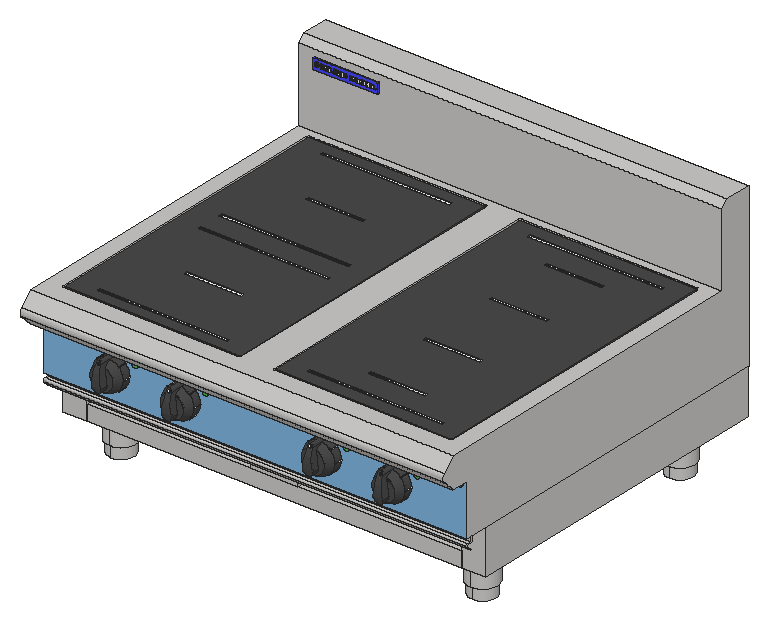
Revit family "QF_Moffat_IN514R5F-B_Induction_Cooktop_cat", category Specialty Equipment, Revit 2019
Family settings
  Round Connector Dimension = Use Diameter
  Part Type = Normal
  Work Plane-Based = No
  Always vertical = Yes
  Cut with Voids When Loaded = No
  Shared = No
  Room Calculation Point = No
Parameters (values of type "IN514R5F-B")
  Weight in Kilograms = 105
  Watts = 11200 W
  Volts = 400 V
  URL Cutsheet = ""
  Specification by User = ""
  Specification by Manufacturer = ""
  Show Logo [instance] = yes
  Serial Number = ""
  Seismic Rating = ""
  SMACNA No = ""
  Revision Code = ""
  Phase = 3
  Number of Poles = 1
  NAFEM Spec ID Number = ""
  Model = "IN514R5F-B"
  Min Ckt Ampacity = 0 A
  Max Overcurrent Protection = 0 A
  Masterspec = ""
  Manufacturer = "Moffat"
  Length = 900 mm
  Item Number = ""
  Installed By = ""
  Identify Quantity as Lot = yes
  Height = 525 mm
  HP = ""
  Furnished By = ""
  Foodservice Equipment Identifier = yes
  FL Amps = 28 A
  Electrical Remarks = ""
  Electric Connection Type = ""
  Elec Conn RI Height = 0 mm
  Elec Conn Connection Height = 0 mm
  Description = "Induction Cooktop"
  Depth = 812.2 mm
  Cycle = 50 Hz
  Conn Plug = ""
  Conn Conduit = yes
  CSI MasterFormat = ""
  Apparent Power = if(Phase = 3, Volts * FL Amps * 1.73, Volts * FL Amps)  # 19376 VA
Reference planes
  plane 1 "BACK": y = 0
  plane 2: z = 0
  plane 3 "LEFT": x = 0
  plane 4 "RIGHT": x = 900
  plane 5 "FRONT": y = -812.2
  plane 6 "TOP": z = 525
  plane 7 "Center Y": x = 450
  plane 8 "Center X": y = -406.1
  plane 9: x = 65.5
  plane 10: x = 834.5
  plane 11: y = -30
  plane 12: x = 770
  plane 13: z = 180
  plane 14: y = -100
  plane 15: y = -625
  plane 16: z = 85
Forms (mm)
  Extrusion 1, solid, material "QF_Metal_Stainless_Polished"
    sketch origin (0, 0, 0) x (0, 1, 0) y (0, 0, 1)
      loop
        line (0, 180) -> (0, 525) -> (-57, 525) -> (-70, 512) -> (-70, 354.5) -> (-784.171, 354.5) -> (-808.685, 329.985)
        arc (-808.685, 329.985) -> (-812.2, 321.5) -> (-808.685, 313.015) r 12
        line (-808.685, 313.015) -> (-785.171, 289.5) -> (-749, 289.5) -> (-749, 180) -> (0, 180)
    from 0 to 900
  Extrusion 2, void
    sketch origin (0, -784.171, 354.5) x (0, 1, 0) y (-1, 0, 0)
      loop
        arc (44.671, -33.5) -> (40.428, -35.257) -> (38.671, -39.5) r 6
        line (38.671, -39.5) -> (38.671, -410.5)
        arc (38.671, -410.5) -> (40.428, -414.743) -> (44.671, -416.5) r 6
        line (44.671, -416.5) -> (690.671, -416.5)
        arc (690.671, -416.5) -> (694.913, -414.743) -> (696.671, -410.5) r 6
        line (696.671, -410.5) -> (696.671, -39.5)
        arc (696.671, -39.5) -> (694.913, -35.257) -> (690.671, -33.5) r 6
        line (690.671, -33.5) -> (44.671, -33.5)
      loop
        arc (44.671, -483.5) -> (40.428, -485.257) -> (38.671, -489.5) r 6
        line (38.671, -489.5) -> (38.671, -860.5)
        arc (38.671, -860.5) -> (40.428, -864.743) -> (44.671, -866.5) r 6
        line (44.671, -866.5) -> (690.671, -866.5)
        arc (690.671, -866.5) -> (694.913, -864.743) -> (696.671, -860.5) r 6
        line (696.671, -860.5) -> (696.671, -489.5)
        arc (696.671, -489.5) -> (694.913, -485.257) -> (690.671, -483.5) r 6
        line (690.671, -483.5) -> (44.671, -483.5)
    from 0 to -9.5
  Extrusion 3, solid, material "QF_Plastic_White_Smooth"
    sketch origin (0, -784.171, 345) x (0, 1, 0) y (-1, 0, 0)
      loop
        line (660.921, -362.5) -> (666.921, -362.5) -> (666.921, -87.5) -> (660.921, -87.5) -> (660.921, -362.5)
      loop
        line (526.421, -285) -> (532.421, -285) -> (532.421, -165) -> (526.421, -165) -> (526.421, -285)
      loop
        line (391.921, -362.5) -> (397.921, -362.5) -> (397.921, -87.5) -> (391.921, -87.5) -> (391.921, -362.5)
      loop
        line (343.421, -87.5) -> (337.421, -87.5) -> (337.421, -362.5) -> (343.421, -362.5) -> (343.421, -87.5)
      loop
        line (208.921, -165) -> (202.921, -165) -> (202.921, -285) -> (208.921, -285) -> (208.921, -165)
      loop
        line (68.421, -362.5) -> (74.421, -362.5) -> (74.421, -87.5) -> (68.421, -87.5) -> (68.421, -362.5)
      loop
        line (657.071, -817.5) -> (663.071, -817.5) -> (663.071, -532.5) -> (657.071, -532.5) -> (657.071, -817.5)
      loop
        line (605.471, -615) -> (599.471, -615) -> (599.471, -735) -> (605.471, -735) -> (605.471, -615)
      loop
        line (458.971, -615) -> (452.971, -615) -> (452.971, -735) -> (458.971, -735) -> (458.971, -615)
      loop
        line (275.971, -735) -> (281.971, -735) -> (281.971, -615) -> (275.971, -615) -> (275.971, -735)
      loop
        line (129.471, -735) -> (135.471, -735) -> (135.471, -615) -> (129.471, -615) -> (129.471, -735)
      loop
        line (71.871, -817.5) -> (77.871, -817.5) -> (77.871, -532.5) -> (71.871, -532.5) -> (71.871, -817.5)
    from 0 to 9.5
  Extrusion 4, solid, material "QF_Plastic_Black_Smooth"
    sketch origin (0, -784.171, 354.5) x (0, 1, 0) y (-1, 0, 0)
      loop
        line (690.671, -37.5) -> (44.671, -37.5)
        arc (44.671, -37.5) -> (43.256, -38.086) -> (42.671, -39.5) r 2
        line (42.671, -39.5) -> (42.671, -410.5)
        arc (42.671, -410.5) -> (43.256, -411.914) -> (44.671, -412.5) r 2
        line (44.671, -412.5) -> (690.671, -412.5)
        arc (690.671, -412.5) -> (692.085, -411.914) -> (692.671, -410.5) r 2
        line (692.671, -410.5) -> (692.671, -39.5)
        arc (692.671, -39.5) -> (692.085, -38.086) -> (690.671, -37.5) r 2
      loop
        line (690.671, -487.5) -> (44.671, -487.5)
        arc (44.671, -487.5) -> (43.256, -488.086) -> (42.671, -489.5) r 2
        line (42.671, -489.5) -> (42.671, -860.5)
        arc (42.671, -860.5) -> (43.256, -861.914) -> (44.671, -862.5) r 2
        line (44.671, -862.5) -> (690.671, -862.5)
        arc (690.671, -862.5) -> (692.085, -861.914) -> (692.671, -860.5) r 2
        line (692.671, -860.5) -> (692.671, -489.5)
        arc (692.671, -489.5) -> (692.085, -488.086) -> (690.671, -487.5) r 2
      loop
        line (68.421, -362.5) -> (74.421, -362.5) -> (74.421, -87.5) -> (68.421, -87.5) -> (68.421, -362.5)
      loop
        line (202.921, -285) -> (208.921, -285) -> (208.921, -165) -> (202.921, -165) -> (202.921, -285)
      loop
        line (337.421, -362.5) -> (343.421, -362.5) -> (343.421, -87.5) -> (337.421, -87.5) -> (337.421, -362.5)
      loop
        line (391.921, -87.5) -> (391.921, -362.5) -> (397.921, -362.5) -> (397.921, -87.5) -> (391.921, -87.5)
      loop
        line (526.421, -165) -> (526.421, -285) -> (532.421, -285) -> (532.421, -165) -> (526.421, -165)
      loop
        line (666.921, -362.5) -> (666.921, -87.5) -> (660.921, -87.5) -> (660.921, -362.5) -> (666.921, -362.5)
      loop
        line (657.071, -532.5) -> (657.071, -817.5) -> (663.071, -817.5) -> (663.071, -532.5) -> (657.071, -532.5)
      loop
        line (605.471, -735) -> (605.471, -615) -> (599.471, -615) -> (599.471, -735) -> (605.471, -735)
      loop
        line (458.971, -735) -> (458.971, -615) -> (452.971, -615) -> (452.971, -735) -> (458.971, -735)
      loop
        line (275.971, -615) -> (275.971, -735) -> (281.971, -735) -> (281.971, -615) -> (275.971, -615)
      loop
        line (129.471, -615) -> (129.471, -735) -> (135.471, -735) -> (135.471, -615) -> (129.471, -615)
      loop
        line (77.871, -817.5) -> (77.871, -532.5) -> (71.871, -532.5) -> (71.871, -817.5) -> (77.871, -817.5)
    from 0 to -9.5
  Extrusion 5, solid, material "QF_Metal_Stainless_Polished"
    sketch origin (0, 0, 40) x (0, 1, 0) y (0, 0, 1)
      loop
        line (-737.8, 140) -> (-737.8, 130) -> (-747.305, 130)
        arc (-747.305, 130) -> (-750.276, 128.015) -> (-749.579, 124.511) r 3.215
        line (-749.579, 124.511) -> (-739.05, 113.982) -> (-737.919, 115.113) -> (-748.447, 125.642)
        arc (-748.447, 125.642) -> (-748.797, 127.403) -> (-747.305, 128.4) r 1.615
        line (-747.305, 128.4) -> (-736.2, 128.4) -> (-736.2, 140) -> (-737.8, 140)
    from 0 to 900
  Extrusion 6, solid, material "QF_Plastic_Black_Smooth"
    sketch origin (0, -749, 181.875) x (0, 0, 1) y (-1, 0, 0)
      loop
        circle (99.343, -13.157) r 5
      loop
        circle (99.343, -886.843) r 5
      loop
        circle (99.343, -150) r 5
      loop
        circle (99.343, -300) r 5
      loop
        circle (99.343, -600) r 5
      loop
        circle (99.343, -750) r 5
    from 0 to 1.6
  Extrusion 7, solid, material "QF_Metal_Stainless_Polished"
    sketch origin (0, -699, 85) x (0, 1, 0) y (1, 0, 0)
      loop
        circle (669, 770) r 6.35
    from 0 to 1.6
  Extrusion 8, solid, material "QF_Metal_Stainless_Polished"
    sketch origin (0, -699, 85) x (1, 0, 0) y (0, -1, 0)
      loop
        line (0, -699) -> (900, -699) -> (900, 0) -> (849.2, 0) -> (849.2, -25.4) -> (50.8, -25.4) -> (50.8, 0) -> (0, 0) -> (0, -699)
    from 0 to -95
  Revolve 9, solid, material "QF_Metal_Stainless_Polished"
    sketch origin (65.5, -4572, -304.8) x (0, 0, -1) y (0, -1, 0)
      loop
        line (-304.8, -4499.5) -> (-304.8, -4472) -> (-389.8, -4472) -> (-389.8, -4503.75) -> (-329.8, -4503.75) -> (-329.8, -4499.5) -> (-304.8, -4499.5)
      axis (-389.8, -4472) -> (-304.8, -4472)
    angle from 0 to 360
  Revolve 10, solid, material "QF_Metal_Stainless_Polished"
    sketch origin (65.5, -4572, -304.8) x (0, 0, -1) y (0, -1, 0)
      loop
        line (-304.8, -3974.5) -> (-304.8, -3947) -> (-389.8, -3947) -> (-389.8, -3978.75) -> (-329.8, -3978.75) -> (-329.8, -3974.5) -> (-304.8, -3974.5)
      axis (-389.8, -3947) -> (-304.8, -3947)
    angle from 0 to 360
  Revolve 11, solid, material "QF_Metal_Stainless_Polished"
    sketch origin (834.5, -4572, -304.8) x (0, 0, -1) y (0, 1, 0)
      loop
        line (-304.8, 4499.5) -> (-329.8, 4499.5) -> (-329.8, 4503.75) -> (-389.8, 4503.75) -> (-389.8, 4472) -> (-304.8, 4472) -> (-304.8, 4499.5)
      axis (-389.8, 4472) -> (-304.8, 4472)
    angle from 0 to 360
  Revolve 12, solid, material "QF_Metal_Stainless_Polished"
    sketch origin (834.5, -4572, -304.8) x (0, 0, -1) y (0, 1, 0)
      loop
        line (-304.8, 3974.5) -> (-329.8, 3974.5) -> (-329.8, 3978.75) -> (-389.8, 3978.75) -> (-389.8, 3947) -> (-304.8, 3947) -> (-304.8, 3974.5)
      axis (-389.8, 3947) -> (-304.8, 3947)
    angle from 0 to 360
  Extrusion 13, solid, material "QF_Paint_Green"
    sketch origin (-87.5, -749, 181.7) x (0, 0, 1) y (-1, 0, 0)
      loop
        circle (84.8, -282.5) r 7.15
    from 0 to 1.6
  Extrusion 14, solid, material "QF_Paint_Green"
    sketch origin (62.5, -749, 181.7) x (0, 0, 1) y (-1, 0, 0)
      loop
        circle (84.8, -282.5) r 7.15
    from 0 to 1.6
  Extrusion 15, solid, material "QF_Paint_Green"
    sketch origin (362.5, -749, 181.7) x (0, 0, 1) y (-1, 0, 0)
      loop
        circle (84.8, -282.5) r 7.15
    from 0 to 1.6
  Extrusion 16, solid, material "QF_Paint_Green"
    sketch origin (512.5, -749, 181.7) x (0, 0, 1) y (-1, 0, 0)
      loop
        circle (84.8, -282.5) r 7.15
    from 0 to 1.6
  Extrusion 17, solid, material "QF_Metal_Stainless_Polished"
    sketch origin (849.2, -673.6, 85) x (-1, 0, 0) y (0, 0, -1)
      loop
        line (798.4, -32.7) -> (798.4, 0) -> (0, 0) -> (0, -32.7) -> (798.4, -32.7)
      loop
        line (798.4, -42.7) -> (450, -42.7) -> (450, -66.4) -> (798.4, -66.4) -> (798.4, -42.7)
      loop
        line (0, -67.4) -> (0, -95) -> (798.4, -95) -> (798.4, -67.4) -> (0, -67.4)
      loop
        line (348.4, -42.7) -> (0, -42.7) -> (0, -66.4) -> (348.4, -66.4) -> (348.4, -42.7)
    from 0 to 25.4
  Extrusion 18, solid, material "QF_Metal_Stainless_Polished"
    sketch origin (849.2, -673.6, 85) x (1, 0, 0) y (0, 0, -1)
      loop
        line (-450, -67.4) -> (-348.4, -67.4) -> (-348.4, -32.7) -> (-450, -32.7) -> (-450, -67.4)
    from 0 to -25.4
Cuts and joins
  Extrusion 2 cuts Extrusion 1
Lines and regions (mm)
  symbolic lines
    curve 1: line (0, 0, 0) -> (900, 0, 0)
    curve 2: line (0, -812.2, 0) -> (0, 0, 0)
    curve 3: line (900, -812.2, 0) -> (0, -812.2, 0)
    curve 4: line (900, 0, 0) -> (900, -812.2, 0)
    curve 5: line (0, -784.171, 0) -> (900, -784.171, 0)
    curve 6: line (0, -57, 0) -> (900, -57, 0)
    curve 7: line (0, -70, 0) -> (900, -70, 0)
    curve 8: line (39.5, -87.5, 0) -> (410.5, -87.5, 0)
    curve 9: arc (410.5, -87.5, 0) -> (414.743, -89.257, 0) -> (416.5, -93.5, 0) r 6
    curve 10: line (416.5, -93.5, 0) -> (416.5, -739.5, 0)
    curve 11: arc (416.5, -739.5, 0) -> (414.743, -743.743, 0) -> (410.5, -745.5, 0) r 6
    curve 12: line (410.5, -745.5, 0) -> (39.5, -745.5, 0)
    curve 13: arc (39.5, -745.5, 0) -> (35.257, -743.743, 0) -> (33.5, -739.5, 0) r 6
    curve 14: line (33.5, -739.5, 0) -> (33.5, -93.5, 0)
    curve 15: arc (33.5, -93.5, 0) -> (35.257, -89.257, 0) -> (39.5, -87.5, 0) r 6
    curve 16: line (410.5, -91.5, 0) -> (39.5, -91.5, 0)
    curve 17: arc (39.5, -91.5, 0) -> (38.086, -92.086, 0) -> (37.5, -93.5, 0) r 2
    curve 18: line (37.5, -93.5, 0) -> (37.5, -739.5, 0)
    curve 19: arc (37.5, -739.5, 0) -> (38.086, -740.914, 0) -> (39.5, -741.5, 0) r 2
    curve 20: line (39.5, -741.5, 0) -> (410.5, -741.5, 0)
    curve 21: arc (410.5, -741.5, 0) -> (411.914, -740.914, 0) -> (412.5, -739.5, 0) r 2
    curve 22: line (412.5, -739.5, 0) -> (412.5, -93.5, 0)
    curve 23: arc (412.5, -93.5, 0) -> (411.914, -92.086, 0) -> (410.5, -91.5, 0) r 2
    curve 24: line (87.5, -117.25, 0) -> (362.5, -117.25, 0)
    curve 25: line (362.5, -117.25, 0) -> (362.5, -123.25, 0)
    curve 26: line (362.5, -123.25, 0) -> (87.5, -123.25, 0)
    curve 27: line (87.5, -123.25, 0) -> (87.5, -117.25, 0)
    curve 28: line (165, -251.75, 0) -> (285, -251.75, 0)
    curve 29: line (285, -251.75, 0) -> (285, -257.75, 0)
    curve 30: line (285, -257.75, 0) -> (165, -257.75, 0)
    curve 31: line (165, -257.75, 0) -> (165, -251.75, 0)
    curve 32: line (362.5, -392.25, 0) -> (87.5, -392.25, 0)
    curve 33: line (87.5, -392.25, 0) -> (87.5, -386.25, 0)
    curve 34: line (87.5, -386.25, 0) -> (362.5, -386.25, 0)
    curve 35: line (362.5, -386.25, 0) -> (362.5, -392.25, 0)
    curve 36: line (87.5, -440.75, 0) -> (362.5, -440.75, 0)
    curve 37: line (362.5, -440.75, 0) -> (362.5, -446.75, 0)
    curve 38: line (362.5, -446.75, 0) -> (87.5, -446.75, 0)
    curve 39: line (87.5, -446.75, 0) -> (87.5, -440.75, 0)
    curve 40: line (285, -581.25, 0) -> (165, -581.25, 0)
    curve 41: line (165, -581.25, 0) -> (165, -575.25, 0)
    curve 42: line (165, -575.25, 0) -> (285, -575.25, 0)
    curve 43: line (285, -575.25, 0) -> (285, -581.25, 0)
    curve 44: line (87.5, -709.75, 0) -> (362.5, -709.75, 0)
    curve 45: line (362.5, -709.75, 0) -> (362.5, -715.75, 0)
    curve 46: line (362.5, -715.75, 0) -> (87.5, -715.75, 0)
    curve 47: line (87.5, -715.75, 0) -> (87.5, -709.75, 0)
    curve 48: line (860.5, -745.5, 0) -> (489.5, -745.5, 0)
    curve 49: arc (489.5, -745.5, 0) -> (485.257, -743.743, 0) -> (483.5, -739.5, 0) r 6
    curve 50: line (483.5, -739.5, 0) -> (483.5, -93.5, 0)
    curve 51: arc (483.5, -93.5, 0) -> (485.257, -89.257, 0) -> (489.5, -87.5, 0) r 6
    curve 52: line (489.5, -87.5, 0) -> (860.5, -87.5, 0)
    curve 53: arc (860.5, -87.5, 0) -> (864.743, -89.257, 0) -> (866.5, -93.5, 0) r 6
    curve 54: line (866.5, -93.5, 0) -> (866.5, -739.5, 0)
    curve 55: arc (866.5, -739.5, 0) -> (864.743, -743.743, 0) -> (860.5, -745.5, 0) r 6
    curve 56: line (489.5, -741.5, 0) -> (860.5, -741.5, 0)
    curve 57: arc (860.5, -741.5, 0) -> (861.914, -740.914, 0) -> (862.5, -739.5, 0) r 2
    curve 58: line (862.5, -739.5, 0) -> (862.5, -93.5, 0)
    curve 59: arc (862.5, -93.5, 0) -> (861.914, -92.086, 0) -> (860.5, -91.5, 0) r 2
    curve 60: line (860.5, -91.5, 0) -> (489.5, -91.5, 0)
    curve 61: arc (489.5, -91.5, 0) -> (488.086, -92.086, 0) -> (487.5, -93.5, 0) r 2
    curve 62: line (487.5, -93.5, 0) -> (487.5, -739.5, 0)
    curve 63: arc (487.5, -739.5, 0) -> (488.086, -740.914, 0) -> (489.5, -741.5, 0) r 2
    curve 64: line (817.5, -712.3, 0) -> (532.5, -712.3, 0)
    curve 65: line (532.5, -712.3, 0) -> (532.5, -706.3, 0)
    curve 66: line (532.5, -706.3, 0) -> (817.5, -706.3, 0)
    curve 67: line (817.5, -706.3, 0) -> (817.5, -712.3, 0)
    curve 68: line (735, -654.7, 0) -> (615, -654.7, 0)
    curve 69: line (615, -654.7, 0) -> (615, -648.7, 0)
    curve 70: line (615, -648.7, 0) -> (735, -648.7, 0)
    curve 71: line (735, -648.7, 0) -> (735, -654.7, 0)
    curve 72: line (735, -508.2, 0) -> (615, -508.2, 0)
    curve 73: line (615, -508.2, 0) -> (615, -502.2, 0)
    curve 74: line (615, -502.2, 0) -> (735, -502.2, 0)
    curve 75: line (735, -502.2, 0) -> (735, -508.2, 0)
    curve 76: line (735, -331.2, 0) -> (615, -331.2, 0)
    curve 77: line (615, -331.2, 0) -> (615, -325.2, 0)
    curve 78: line (615, -325.2, 0) -> (735, -325.2, 0)
    curve 79: line (735, -325.2, 0) -> (735, -331.2, 0)
    curve 80: line (735, -184.7, 0) -> (615, -184.7, 0)
    curve 81: line (615, -184.7, 0) -> (615, -178.7, 0)
    curve 82: line (615, -178.7, 0) -> (735, -178.7, 0)
    curve 83: line (735, -178.7, 0) -> (735, -184.7, 0)
    curve 84: line (817.5, -127.1, 0) -> (532.5, -127.1, 0)
    curve 85: line (532.5, -127.1, 0) -> (532.5, -121.1, 0)
    curve 86: line (532.5, -121.1, 0) -> (817.5, -121.1, 0)
    curve 87: line (817.5, -121.1, 0) -> (817.5, -127.1, 0)
Dimensions and locks
  equal spacing: plane 3 "LEFT", plane 7 "Center Y", plane 4 "RIGHT"
  "Length": plane 3 "LEFT" to plane 4 "RIGHT"
  equal spacing: plane 5 "FRONT", plane 8 "Center X", plane 1 "BACK"
  "Depth": plane 5 "FRONT" to plane 1 "BACK"
  "Height": plane 6 "TOP" to level
  plane 9 to plane 10 = 769 mm
  plane 4 "RIGHT" to plane 3 "LEFT" = 900 mm
  plane 1 "BACK" to cut or joined group of Extrusion 1, Extrusion 2 = 70 mm
  plane 1 "BACK" to plane 5 "FRONT" = 812.2 mm
  plane 6 "TOP" to plane 2 = 525 mm
  cut or joined group of Extrusion 1, Extrusion 2 to plane 2 = 354.5 mm
  locked: plane 12 to plane 4 "RIGHT" at 130
  plane 1 "BACK" to plane 11 = 30 mm
  plane 1 "BACK" to plane 14 to plane 15 = 100 mm, 525 mm
  plane 16 to plane 2 = 85 mm
  aligned and locked: level to plane 2
Automatic sketch dimensions
  Extrusion 1 sketch curve to plane 6 "TOP" = 0 mm
  Extrusion 1 sketch curve to plane 1 "BACK" = 0 mm
  plane 11 to Extrusion 1 sketch curve = 27 mm
  Extrusion 1 sketch curve to plane 6 "TOP" = 13 mm
  Extrusion 1 sketch curve to Extrusion 1 sketch curve = 13 mm
  Extrusion 1 sketch curve to plane 5 "FRONT" = 63.2 mm
  Extrusion 1 sketch curve to plane 5 "FRONT" = 28.029 mm
  Extrusion 1 sketch curve to plane 5 "FRONT" = 27.029 mm
  Extrusion 1 sketch curve to plane 5 "FRONT" = 12 mm
  Extrusion 1 sketch curve to plane 5 "FRONT" = 3.515 mm  (x2)
  Extrusion 1 sketch curve to plane 6 "TOP" = 170.5 mm
  Extrusion 1 sketch curve to Extrusion 1 sketch curve = 24.515 mm
  Extrusion 1 sketch curve to Extrusion 1 sketch curve = 8.485 mm
  Extrusion 1 sketch curve to Extrusion 1 sketch curve = 32 mm
  Extrusion 1 sketch curve to plane 13 = 0 mm
  Extrusion 5 sketch curve to Extrusion 5 sketch curve = 0 mm  (x2)
  plane 13 to Extrusion 5 sketch curve = 15.489 mm
  Extrusion 5 sketch curve to plane 5 "FRONT" = 62.621 mm
  plane 13 to Extrusion 5 sketch curve = 14.358 mm
  Extrusion 5 sketch curve to Extrusion 5 sketch curve = 1.131 mm
  Extrusion 5 sketch curve to Extrusion 5 sketch curve = 1.142 mm  (x2)
  plane 13 to Extrusion 5 sketch curve = 26.018 mm
  Extrusion 5 sketch curve to Extrusion 5 sketch curve = 10.529 mm
  Extrusion 5 sketch curve to Extrusion 5 sketch curve = 9.505 mm
  Extrusion 5 sketch curve to plane 13 = 0 mm
  Extrusion 5 sketch curve to Extrusion 5 sketch curve = 1.6 mm
  Extrusion 8 to Extrusion 7 sketch curve = 30 mm
  Extrusion 7 sketch curve to Extrusion 8 = 79.2 mm
  plane 1 "BACK" to Extrusion 8 sketch curve = 0 mm
  Extrusion 8 sketch curve to plane 3 "LEFT" = 0 mm
  Extrusion 8 sketch curve to plane 4 "RIGHT" = 0 mm
  plane 9 to Extrusion 8 sketch curve = 14.7 mm
  Extrusion 8 sketch curve to plane 10 = 14.7 mm
  plane 15 to Extrusion 8 sketch curve = 48.6 mm
  Extrusion 8 sketch curve to Extrusion 8 sketch curve = 25.4 mm  (x2)
  Revolve 9 sketch curve to plane 14 = 0 mm  (x2)
  Revolve 9 sketch curve to plane 16 = 0 mm
  Revolve 9 sketch curve to level = 0 mm  (x2)
  level to Revolve 9 sketch curve = 25 mm
  Revolve 9 sketch curve to plane 14 = 27.5 mm
  Revolve 9 sketch curve to plane 14 = 31.75 mm
  Revolve 9 sketch curve to Revolve 9 sketch curve = 25 mm
  Revolve 10 sketch curve to plane 15 = 0 mm  (x2)
  Revolve 10 sketch curve to plane 16 = 0 mm
  Revolve 10 sketch curve to level = 0 mm  (x2)
  level to Revolve 10 sketch curve = 25 mm
  Revolve 10 sketch curve to plane 15 = 27.5 mm
  Revolve 10 sketch curve to plane 15 = 31.75 mm
  Revolve 10 sketch curve to Revolve 10 sketch curve = 25 mm
  Revolve 11 sketch curve to plane 14 = 0 mm  (x2)
  Revolve 11 sketch curve to plane 16 = 0 mm
  Revolve 11 sketch curve to level = 0 mm  (x2)
  level to Revolve 11 sketch curve = 25 mm
  Revolve 11 sketch curve to plane 14 = 27.5 mm
  Revolve 11 sketch curve to Revolve 11 sketch curve = 4.25 mm
  Revolve 11 sketch curve to Revolve 11 sketch curve = 25 mm
  Revolve 12 sketch curve to plane 15 = 0 mm  (x2)
  Revolve 12 sketch curve to plane 16 = 0 mm
  Revolve 12 sketch curve to level = 0 mm  (x2)
  level to Revolve 12 sketch curve = 25 mm
  Revolve 12 sketch curve to plane 15 = 27.5 mm
  Revolve 12 sketch curve to Revolve 12 sketch curve = 4.25 mm
  Revolve 12 sketch curve to Revolve 12 sketch curve = 25 mm
  Extrusion 1 to Extrusion 13 sketch curve = 23 mm
  Extrusion 1 to Extrusion 13 sketch curve = 195 mm
  Extrusion 1 to Extrusion 14 sketch curve = 23 mm
  Extrusion 1 to Extrusion 14 sketch curve = 345 mm
  Extrusion 1 to Extrusion 15 sketch curve = 23 mm
  Extrusion 1 to Extrusion 15 sketch curve = 255 mm
  Extrusion 1 to Extrusion 16 sketch curve = 23 mm
  Extrusion 1 to Extrusion 16 sketch curve = 105 mm
  Extrusion 17 sketch curve to Extrusion 8 = 0 mm  (x8)
  Extrusion 8 to Extrusion 17 sketch curve = 42.7 mm
  Extrusion 17 sketch curve to Extrusion 8 = 348.4 mm
  Extrusion 8 to Extrusion 17 sketch curve = 28.6 mm
  Extrusion 17 sketch curve to Extrusion 17 sketch curve = 101.6 mm
  Extrusion 17 sketch curve to Extrusion 17 sketch curve = 24.7 mm
  Extrusion 17 sketch curve to Extrusion 17 sketch curve = 23.7 mm  (x2)
  Extrusion 17 sketch curve to Extrusion 17 sketch curve = 10 mm
  Extrusion 18 sketch curve to Extrusion 17 = 0 mm  (x3)
  Extrusion 17 to Extrusion 18 sketch curve = 0 mm
  Extrusion 2 sketch curve to Extrusion 1 = 38.671 mm  (x2)
  Extrusion 2 sketch curve to Extrusion 2 sketch curve = 6 mm  (x6)
  Extrusion 1 to Extrusion 2 sketch curve = 23.5 mm  (x4)
  Extrusion 1 to Extrusion 2 sketch curve = 416.5 mm
  Extrusion 1 to Extrusion 2 sketch curve = 39.5 mm  (x2)
  Extrusion 2 sketch curve to Extrusion 2 sketch curve = 67 mm
  Extrusion 4 sketch curve to Extrusion 1 = 42.671 mm  (x2)
  Extrusion 4 sketch curve to Extrusion 4 sketch curve = 2 mm  (x6)
  Extrusion 1 to Extrusion 4 sketch curve = 23.5 mm  (x4)
  Extrusion 1 to Extrusion 4 sketch curve = 412.5 mm
  Extrusion 1 to Extrusion 4 sketch curve = 39.5 mm  (x2)
  Extrusion 4 sketch curve to Extrusion 4 sketch curve = 75 mm
  Extrusion 4 sketch curve to Extrusion 4 sketch curve = 23.75 mm
  Extrusion 4 sketch curve to Extrusion 4 sketch curve = 6 mm  (x12)
  Extrusion 4 sketch curve to Extrusion 4 sketch curve = 48 mm  (x4)
  Extrusion 4 sketch curve to Extrusion 4 sketch curve = 128.5 mm  (x3)
  Extrusion 4 sketch curve to Extrusion 4 sketch curve = 77.5 mm  (x3)
  Extrusion 4 sketch curve to Extrusion 4 sketch curve = 120 mm  (x5)
  Extrusion 1 to Extrusion 4 sketch curve = 87.5 mm
  Extrusion 4 sketch curve to Extrusion 4 sketch curve = 48.5 mm
  Extrusion 4 sketch curve to Extrusion 4 sketch curve = 0 mm  (x4)
  Extrusion 1 to Extrusion 4 sketch curve = 53.25 mm
  Extrusion 3 sketch curve to Extrusion 2 = 29.75 mm
  Extrusion 3 sketch curve to Extrusion 3 sketch curve = 6 mm  (x12)
  Extrusion 3 sketch curve to Extrusion 3 sketch curve = 128.5 mm  (x3)
  Extrusion 3 sketch curve to Extrusion 2 = 54 mm  (x6)
  Extrusion 3 sketch curve to Extrusion 3 sketch curve = 48.5 mm
  Extrusion 3 sketch curve to Extrusion 2 = 35.75 mm
  Extrusion 3 sketch curve to Extrusion 3 sketch curve = 0 mm  (x2)
  Extrusion 3 sketch curve to Extrusion 2 = 131.5 mm  (x5)
  Extrusion 3 sketch curve to Extrusion 3 sketch curve = 120 mm  (x5)
  Extrusion 1 to Extrusion 6 sketch curve = 8.282 mm  (x6)
  Extrusion 1 to Extrusion 6 sketch curve = 13.157 mm  (x2)
  Extrusion 6 sketch curve to Extrusion 6 sketch curve = 136.843 mm
  Extrusion 6 sketch curve to Extrusion 6 sketch curve = 150 mm
  Extrusion 1 to Extrusion 6 sketch curve = 300 mm
  Extrusion 1 to Extrusion 6 sketch curve = 150 mm
  Extrusion 4 sketch curve to Extrusion 4 sketch curve = 33.6 mm
  Extrusion 4 sketch curve to Extrusion 4 sketch curve = 43 mm  (x4)
  Extrusion 4 sketch curve to Extrusion 4 sketch curve = 57.6 mm
  Extrusion 4 sketch curve to Extrusion 4 sketch curve = 82.5 mm  (x2)
  Extrusion 4 sketch curve to Extrusion 4 sketch curve = 146.5 mm
  Extrusion 4 sketch curve to Extrusion 4 sketch curve = 177 mm
  Extrusion 1 to Extrusion 4 sketch curve = 165 mm
  Extrusion 4 sketch curve to Extrusion 1 = 129.471 mm
  Extrusion 4 sketch curve to Extrusion 4 sketch curve = 27.2 mm
  Extrusion 3 sketch curve to Extrusion 2 = 39.6 mm
  Extrusion 3 sketch curve to Extrusion 2 = 49 mm  (x4)
  Extrusion 3 sketch curve to Extrusion 2 = 97.2 mm
  Extrusion 3 sketch curve to Extrusion 3 sketch curve = 82.5 mm  (x2)
  Extrusion 3 sketch curve to Extrusion 3 sketch curve = 146.5 mm
  Extrusion 3 sketch curve to Extrusion 3 sketch curve = 177 mm
  Extrusion 3 sketch curve to Extrusion 2 = 90.8 mm
  Extrusion 3 sketch curve to Extrusion 2 = 33.2 mm
  curve 3 to plane 3 "LEFT" = 0 mm
  curve 3 to plane 4 "RIGHT" = 0 mm
  plane 5 "FRONT" to curve 3 = 0 mm
  plane 1 "BACK" to curve 2 = 0 mm
  curve 5 to plane 5 "FRONT" = 28.029 mm
  plane 11 to curve 6 = 27 mm
  curve 7 to curve 6 = 13 mm
  curve 14 to plane 14 = 6.5 mm
  plane 9 to curve 14 = 32 mm
  curve 14 to curve 15 = 6 mm
  curve 13 to curve 13 = 6 mm
  curve 9 to plane 14 = 6.5 mm
  curve 9 to plane 7 "Center Y" = 39.5 mm
  curve 12 to curve 10 = 6 mm
  curve 12 to plane 5 "FRONT" = 66.7 mm
  curve 9 to curve 23 = 0 mm  (x2)
  curve 11 to curve 21 = 0 mm  (x2)
  curve 13 to curve 19 = 0 mm  (x2)
  curve 15 to curve 17 = 0 mm
  curve 18 to curve 15 = 2 mm
  curve 27 to plane 9 = 22 mm
  plane 14 to curve 26 = 23.25 mm
  curve 26 to curve 23 = 48 mm
  curve 26 to curve 24 = 6 mm
  curve 30 to plane 9 = 99.5 mm
  curve 30 to curve 30 = 120 mm
  plane 8 "Center X" to curve 30 = 148.35 mm
  curve 30 to curve 31 = 6 mm
  curve 33 to plane 9 = 22 mm
  plane 8 "Center X" to curve 35 = 19.85 mm
  curve 35 to plane 7 "Center Y" = 87.5 mm
  curve 33 to curve 33 = 6 mm
  curve 39 to plane 9 = 22 mm
  curve 36 to curve 32 = 0 mm
  curve 39 to plane 8 "Center X" = 40.65 mm
  curve 37 to curve 37 = 6 mm
  curve 41 to plane 15 = 43.75 mm
  curve 41 to plane 9 = 99.5 mm
  curve 40 to curve 43 = 120 mm
  curve 40 to curve 41 = 6 mm
  curve 47 to plane 9 = 22 mm
  curve 44 to curve 21 = 48 mm
  curve 19 to curve 47 = 23.75 mm
  curve 45 to curve 45 = 6 mm
  curve 50 to plane 14 = 6.5 mm
  plane 7 "Center Y" to curve 50 = 33.5 mm
  curve 50 to curve 52 = 6 mm
  curve 49 to curve 49 = 6 mm
  curve 48 to plane 10 = 26 mm
  curve 53 to plane 14 = 6.5 mm
  curve 53 to plane 10 = 26 mm
  curve 48 to plane 5 "FRONT" = 66.7 mm
  curve 49 to curve 63 = 0 mm  (x2)
  curve 51 to curve 61 = 0 mm  (x2)
  curve 53 to curve 59 = 0 mm  (x2)
  curve 55 to curve 57 = 0 mm
  curve 62 to curve 51 = 2 mm
  curve 63 to curve 65 = 43 mm
  plane 10 to curve 66 = 17 mm
  curve 57 to curve 64 = 27.2 mm
  curve 64 to curve 67 = 6 mm
  plane 15 to curve 70 = 23.7 mm
  curve 65 to curve 70 = 82.5 mm
  plane 12 to curve 70 = 35 mm
  curve 69 to curve 69 = 6 mm
  curve 73 to curve 69 = 0 mm
  plane 12 to curve 72 = 35 mm
  curve 72 to plane 8 "Center X" = 102.1 mm
  curve 72 to curve 74 = 6 mm
  plane 12 to curve 77 = 155 mm
  plane 12 to curve 76 = 35 mm
  plane 8 "Center X" to curve 76 = 74.9 mm
  curve 76 to curve 78 = 6 mm
  curve 82 to curve 77 = 0 mm
  plane 12 to curve 80 = 35 mm
  plane 14 to curve 80 = 84.7 mm
  curve 80 to curve 82 = 6 mm
  plane 14 to curve 85 = 21.1 mm
  curve 61 to curve 85 = 43 mm
  plane 10 to curve 84 = 17 mm
  curve 84 to curve 85 = 6 mm
  radius of Extrusion 7 sketch curve = 6.35 mm
  radius of Extrusion 13 sketch curve = 7.15 mm
  radius of Extrusion 14 sketch curve = 7.15 mm
  radius of Extrusion 15 sketch curve = 7.15 mm
  radius of Extrusion 16 sketch curve = 7.15 mm
  radius of Extrusion 6 sketch curve = 5 mm  (x6)
Nested families
  nested 1: "QF_LOGO_BLue Seal" at (32, -70, 474.385), visible <- "Show Logo", type "QF_LOGO_BLue Seal"
  nested 2: "Knob" at (117.5, -739.5, 204.5), type "Knob"
  nested 3: "Knob" at (267.5, -739.5, 204.5), type "Knob"
  nested 4: "Knob" at (567.5, -739.5, 204.5), type "Knob"
  nested 5: "Knob" at (717.5, -739.5, 204.5), type "Knob"
Connectors
  electrical at (770, -30, 83.4), driven by "Volts", driven by "Watts"
    settings: on Extrusion 7, index 1, voltage 400 V, apparent load 11200 VA, apparent load phase1 0 VA, apparent load phase2 0 VA, apparent load phase3 0 VA, power factor 1, load classification "Other", number of poles 1, system type 30, power factor state 1, is connector primary yes, connector utility no, sub classification motor no, connector description "Electrical Connection"
Definition of nested family "QF_LOGO_BLue Seal"
  Parameters (values of type "QF_LOGO_BLue Seal")
    Weight in Pounds = 0
    URL Cutsheet = ""
    Specification by User = ""
    Specification by Manufacturer = ""
    Serial Number = ""
    Seismic Rating = ""
    SMACNA No = ""
    Revision Code = ""
    NAFEM Spec ID Number = ""
    Masterspec = ""
    Length = 138 mm
    Item Number = ""
    Installed By = ""
    Identify Quantity as Lot = yes
    Height = 23 mm
    Furnished By = ""
    Foodservice Equipment Identifier = yes
    Depth = 3.175 mm
    CSI MasterFormat = ""
  Reference planes
    plane 1 "BACK": y = 0
    plane 2: z = 0
    plane 3 "LEFT": x = 0
    plane 4 "RIGHT": x = 138
    plane 5 "FRONT": y = -3.175
    plane 6 "TOP": z = 23
    plane 7 "Center Y": x = 69
    plane 8 "Center X": y = -1.587
  Forms (mm)
    Extrusion 1, solid
      sketch origin (0, 0, 0) x (1, 0, 0) y (0, 0, 1)
        loop
          arc (2, 23) -> (0.586, 22.414) -> (0, 21) r 2
          line (0, 21) -> (0, 2)
          arc (0, 2) -> (0.586, 0.586) -> (2, 0) r 2
          line (2, 0) -> (136, 0)
          arc (136, 0) -> (137.414, 0.586) -> (138, 2) r 2
          line (138, 2) -> (138, 21)
          arc (138, 21) -> (137.414, 22.414) -> (136, 23) r 2
          line (136, 23) -> (2, 23)
        loop
          arc (16.625, 15.317) -> (15.943, 15.034) -> (15.66, 14.352) r 0.965
          line (15.66, 14.352) -> (15.66, 8.169)
          arc (15.66, 8.169) -> (15.953, 7.461) -> (16.66, 7.169) r 1
          line (16.66, 7.169) -> (27.958, 7.169)
          arc (27.958, 7.169) -> (29.995, 9.206) -> (27.958, 11.243) r 2.037
          arc (27.958, 11.243) -> (29.995, 13.28) -> (27.958, 15.317) r 2.037
          line (27.958, 15.317) -> (16.625, 15.317)
        loop
          line (21.163, 13.835) -> (21.163, 12.291) -> (23.596, 12.291)
          arc (23.596, 12.291) -> (24.368, 13.063) -> (23.596, 13.835) r 0.772
          line (23.596, 13.835) -> (21.163, 13.835)
        loop
          line (21.163, 8.544) -> (23.596, 8.544)
          arc (23.596, 8.544) -> (24.368, 9.316) -> (23.596, 10.089) r 0.772
          line (23.596, 10.089) -> (21.163, 10.089) -> (21.163, 8.544)
        loop
          arc (32.475, 15.317) -> (31.768, 15.024) -> (31.475, 14.317) r 1
          line (31.475, 14.317) -> (31.475, 8.169)
          arc (31.475, 8.169) -> (31.768, 7.461) -> (32.475, 7.169) r 1
          line (32.475, 7.169) -> (41.849, 7.169)
          arc (41.849, 7.169) -> (42.859, 8.178) -> (41.849, 9.188) r 1.01
          line (41.849, 9.188) -> (37.262, 9.188) -> (37.262, 14.317)
          arc (37.262, 14.317) -> (36.969, 15.024) -> (36.262, 15.317) r 1
          line (36.262, 15.317) -> (32.475, 15.317)
        loop
          arc (44.648, 15.317) -> (43.941, 15.024) -> (43.648, 14.317) r 1
          line (43.648, 14.317) -> (43.648, 9.124)
          arc (43.648, 9.124) -> (44.221, 7.741) -> (45.604, 7.169) r 1.956
          line (45.604, 7.169) -> (55.306, 7.169)
          arc (55.306, 7.169) -> (56.749, 7.766) -> (57.347, 9.209) r 2.04
          line (57.347, 9.209) -> (57.347, 14.358)
          arc (57.347, 14.358) -> (57.066, 15.036) -> (56.388, 15.317) r 0.959
          line (56.388, 15.317) -> (52.676, 15.317)
          arc (52.676, 15.317) -> (51.968, 15.024) -> (51.676, 14.317) r 1
          line (51.676, 14.317) -> (51.676, 10.17)
          arc (51.676, 10.17) -> (50.529, 9.024) -> (49.383, 10.17) r 1.146
          line (49.383, 10.17) -> (49.383, 14.317)
          arc (49.383, 14.317) -> (49.09, 15.024) -> (48.383, 15.317) r 1
          line (48.383, 15.317) -> (44.648, 15.317)
        loop
          arc (60.035, 15.317) -> (59.328, 15.024) -> (59.035, 14.317) r 1
          line (59.035, 14.317) -> (59.035, 8.169)
          arc (59.035, 8.169) -> (59.328, 7.461) -> (60.035, 7.169) r 1
          line (60.035, 7.169) -> (69.845, 7.169)
          arc (69.845, 7.169) -> (70.828, 8.152) -> (69.845, 9.135) r 0.983
          line (69.845, 9.135) -> (65.06, 9.135) -> (65.06, 10.415) -> (69.988, 10.415)
          arc (69.988, 10.415) -> (70.828, 11.255) -> (69.988, 12.095) r 0.84
          line (69.988, 12.095) -> (65.06, 12.095) -> (65.06, 13.215) -> (69.777, 13.215)
          arc (69.777, 13.215) -> (70.828, 14.266) -> (69.777, 15.317) r 1.051
          line (69.777, 15.317) -> (60.035, 15.317)
        loop
          line (77.315, 14.317) -> (77.315, 11.634)
          arc (77.315, 11.634) -> (77.608, 10.927) -> (78.315, 10.634) r 1
          line (78.315, 10.634) -> (85.957, 10.634) -> (85.957, 8.756) -> (82.871, 8.756) -> (82.871, 9.708) -> (77.315, 9.708) -> (77.315, 8.169)
          arc (77.315, 8.169) -> (77.608, 7.461) -> (78.315, 7.169) r 1
          line (78.315, 7.169) -> (90.614, 7.169)
          arc (90.614, 7.169) -> (91.321, 7.461) -> (91.614, 8.169) r 1
          line (91.614, 8.169) -> (91.614, 11.073)
          arc (91.614, 11.073) -> (91.322, 11.778) -> (90.617, 12.07) r 0.996
          line (90.617, 12.07) -> (82.871, 12.07) -> (82.871, 13.786) -> (85.957, 13.786) -> (85.957, 12.856) -> (91.614, 12.856) -> (91.614, 14.317)
          arc (91.614, 14.317) -> (91.321, 15.024) -> (90.614, 15.317) r 1
          line (90.614, 15.317) -> (78.315, 15.317)
          arc (78.315, 15.317) -> (77.608, 15.024) -> (77.315, 14.317) r 1
        loop
          arc (107.404, 15.317) -> (106.697, 15.024) -> (106.404, 14.317) r 1
          line (106.404, 14.317) -> (106.404, 8.169)
          arc (106.404, 8.169) -> (106.697, 7.461) -> (107.404, 7.169) r 1
          line (107.404, 7.169) -> (111.34, 7.169)
          arc (111.34, 7.169) -> (112.047, 7.461) -> (112.34, 8.169) r 1
          line (112.34, 8.169) -> (112.34, 9.135) -> (115.1, 9.135) -> (115.1, 8.169)
          arc (115.1, 8.169) -> (115.393, 7.461) -> (116.1, 7.169) r 1
          line (116.1, 7.169) -> (119.975, 7.169)
          arc (119.975, 7.169) -> (120.682, 7.461) -> (120.975, 8.169) r 1
          line (120.975, 8.169) -> (120.975, 14.317)
          arc (120.975, 14.317) -> (120.682, 15.024) -> (119.975, 15.317) r 1
          line (119.975, 15.317) -> (107.404, 15.317)
        loop
          arc (94.016, 15.317) -> (93.309, 15.024) -> (93.016, 14.317) r 1
          line (93.016, 14.317) -> (93.016, 8.169)
          arc (93.016, 8.169) -> (93.309, 7.461) -> (94.016, 7.169) r 1
          line (94.016, 7.169) -> (103.826, 7.169)
          arc (103.826, 7.169) -> (104.809, 8.152) -> (103.826, 9.135) r 0.983
          line (103.826, 9.135) -> (99.041, 9.135) -> (99.041, 10.415) -> (103.969, 10.415)
          arc (103.969, 10.415) -> (104.809, 11.255) -> (103.969, 12.095) r 0.84
          line (103.969, 12.095) -> (99.041, 12.095) -> (99.041, 13.215) -> (103.759, 13.215)
          arc (103.759, 13.215) -> (104.809, 14.266) -> (103.759, 15.317) r 1.051
          line (103.759, 15.317) -> (94.016, 15.317)
        loop
          line (112.34, 11.583) -> (115.1, 11.583) -> (115.1, 12.915)
          arc (115.1, 12.915) -> (114.954, 13.268) -> (114.6, 13.415) r 0.5
          line (114.6, 13.415) -> (112.84, 13.415)
          arc (112.84, 13.415) -> (112.487, 13.268) -> (112.34, 12.915) r 0.5
          line (112.34, 12.915) -> (112.34, 11.583)
        loop
          arc (123.692, 15.317) -> (122.985, 15.024) -> (122.692, 14.317) r 1
          line (122.692, 14.317) -> (122.692, 8.169)
          arc (122.692, 8.169) -> (122.985, 7.461) -> (123.692, 7.169) r 1
          line (123.692, 7.169) -> (133.067, 7.169)
          arc (133.067, 7.169) -> (134.076, 8.178) -> (133.067, 9.188) r 1.01
          line (133.067, 9.188) -> (128.479, 9.188) -> (128.479, 14.317)
          arc (128.479, 14.317) -> (128.186, 15.024) -> (127.479, 15.317) r 1
          line (127.479, 15.317) -> (123.692, 15.317)
        loop
          circle (8.135, 11.2) r 4.581
      from 0 to 3.2
    Extrusion 2, solid
      sketch origin (0, 0, 0) x (1, 0, 0) y (0, 0, 1)
        loop
          circle (8.135, 11.2) r 4.581
        loop
          line (8.289, 15.169) -> (8.289, 7.231)
          arc (8.289, 7.231) -> (12.08, 11.2) -> (8.289, 15.169) r 3.973
        loop
          arc (16.625, 15.317) -> (15.943, 15.034) -> (15.66, 14.352) r 0.965
          line (15.66, 14.352) -> (15.66, 8.169)
          arc (15.66, 8.169) -> (15.953, 7.461) -> (16.66, 7.169) r 1
          line (16.66, 7.169) -> (27.958, 7.169)
          arc (27.958, 7.169) -> (29.995, 9.206) -> (27.958, 11.243) r 2.037
          arc (27.958, 11.243) -> (29.995, 13.28) -> (27.958, 15.317) r 2.037
          line (27.958, 15.317) -> (16.625, 15.317)
        loop
          line (21.163, 12.291) -> (23.596, 12.291)
          arc (23.596, 12.291) -> (24.368, 13.063) -> (23.596, 13.835) r 0.772
          line (23.596, 13.835) -> (21.163, 13.835) -> (21.163, 12.291)
        loop
          line (23.596, 10.089) -> (21.163, 10.089) -> (21.163, 8.544) -> (23.596, 8.544)
          arc (23.596, 8.544) -> (24.368, 9.316) -> (23.596, 10.089) r 0.772
        loop
          arc (37.262, 14.317) -> (36.969, 15.024) -> (36.262, 15.317) r 1
          line (36.262, 15.317) -> (32.475, 15.317)
          arc (32.475, 15.317) -> (31.768, 15.024) -> (31.475, 14.317) r 1
          line (31.475, 14.317) -> (31.475, 8.169)
          arc (31.475, 8.169) -> (31.768, 7.461) -> (32.475, 7.169) r 1
          line (32.475, 7.169) -> (41.849, 7.169)
          arc (41.849, 7.169) -> (42.859, 8.178) -> (41.849, 9.188) r 1.01
          line (41.849, 9.188) -> (37.262, 9.188) -> (37.262, 14.317)
        loop
          arc (43.648, 9.124) -> (44.221, 7.741) -> (45.604, 7.169) r 1.956
          line (45.604, 7.169) -> (55.306, 7.169)
          arc (55.306, 7.169) -> (56.749, 7.766) -> (57.347, 9.209) r 2.04
          line (57.347, 9.209) -> (57.347, 14.358)
          arc (57.347, 14.358) -> (57.066, 15.036) -> (56.388, 15.317) r 0.959
          line (56.388, 15.317) -> (52.676, 15.317)
          arc (52.676, 15.317) -> (51.968, 15.024) -> (51.676, 14.317) r 1
          line (51.676, 14.317) -> (51.676, 10.17)
          arc (51.676, 10.17) -> (50.529, 9.024) -> (49.383, 10.17) r 1.146
          line (49.383, 10.17) -> (49.383, 14.317)
          arc (49.383, 14.317) -> (49.09, 15.024) -> (48.383, 15.317) r 1
          line (48.383, 15.317) -> (44.648, 15.317)
          arc (44.648, 15.317) -> (43.941, 15.024) -> (43.648, 14.317) r 1
          line (43.648, 14.317) -> (43.648, 9.124)
        loop
          arc (69.777, 13.215) -> (70.828, 14.266) -> (69.777, 15.317) r 1.051
          line (69.777, 15.317) -> (60.035, 15.317)
          arc (60.035, 15.317) -> (59.328, 15.024) -> (59.035, 14.317) r 1
          line (59.035, 14.317) -> (59.035, 8.169)
          arc (59.035, 8.169) -> (59.328, 7.461) -> (60.035, 7.169) r 1
          line (60.035, 7.169) -> (69.845, 7.169)
          arc (69.845, 7.169) -> (70.828, 8.152) -> (69.845, 9.135) r 0.983
          line (69.845, 9.135) -> (65.06, 9.135) -> (65.06, 10.415) -> (69.988, 10.415)
          arc (69.988, 10.415) -> (70.828, 11.255) -> (69.988, 12.095) r 0.84
          line (69.988, 12.095) -> (65.06, 12.095) -> (65.06, 13.215) -> (69.777, 13.215)
        loop
          line (82.871, 13.786) -> (85.957, 13.786) -> (85.957, 12.856) -> (91.614, 12.856) -> (91.614, 14.317)
          arc (91.614, 14.317) -> (91.321, 15.024) -> (90.614, 15.317) r 1
          line (90.614, 15.317) -> (78.315, 15.317)
          arc (78.315, 15.317) -> (77.608, 15.024) -> (77.315, 14.317) r 1
          line (77.315, 14.317) -> (77.315, 11.634)
          arc (77.315, 11.634) -> (77.608, 10.927) -> (78.315, 10.634) r 1
          line (78.315, 10.634) -> (85.957, 10.634) -> (85.957, 8.756) -> (82.871, 8.756) -> (82.871, 9.708) -> (77.315, 9.708) -> (77.315, 8.169)
          arc (77.315, 8.169) -> (77.608, 7.461) -> (78.315, 7.169) r 1
          line (78.315, 7.169) -> (90.614, 7.169)
          arc (90.614, 7.169) -> (91.321, 7.461) -> (91.614, 8.169) r 1
          line (91.614, 8.169) -> (91.614, 11.073)
          arc (91.614, 11.073) -> (91.322, 11.778) -> (90.617, 12.07) r 0.996
          line (90.617, 12.07) -> (82.871, 12.07) -> (82.871, 13.786)
        loop
          arc (103.759, 13.215) -> (104.809, 14.266) -> (103.759, 15.317) r 1.051
          line (103.759, 15.317) -> (94.016, 15.317)
          arc (94.016, 15.317) -> (93.309, 15.024) -> (93.016, 14.317) r 1
          line (93.016, 14.317) -> (93.016, 8.169)
          arc (93.016, 8.169) -> (93.309, 7.461) -> (94.016, 7.169) r 1
          line (94.016, 7.169) -> (103.826, 7.169)
          arc (103.826, 7.169) -> (104.809, 8.152) -> (103.826, 9.135) r 0.983
          line (103.826, 9.135) -> (99.041, 9.135) -> (99.041, 10.415) -> (103.969, 10.415)
          arc (103.969, 10.415) -> (104.809, 11.255) -> (103.969, 12.095) r 0.84
          line (103.969, 12.095) -> (99.041, 12.095) -> (99.041, 13.215) -> (103.759, 13.215)
        loop
          line (112.34, 12.915) -> (112.34, 11.583) -> (115.1, 11.583) -> (115.1, 12.915)
          arc (115.1, 12.915) -> (114.954, 13.268) -> (114.6, 13.415) r 0.5
          line (114.6, 13.415) -> (112.84, 13.415)
          arc (112.84, 13.415) -> (112.487, 13.268) -> (112.34, 12.915) r 0.5
        loop
          arc (119.975, 7.169) -> (120.682, 7.461) -> (120.975, 8.169) r 1
          line (120.975, 8.169) -> (120.975, 14.317)
          arc (120.975, 14.317) -> (120.682, 15.024) -> (119.975, 15.317) r 1
          line (119.975, 15.317) -> (107.404, 15.317)
          arc (107.404, 15.317) -> (106.697, 15.024) -> (106.404, 14.317) r 1
          line (106.404, 14.317) -> (106.404, 8.169)
          arc (106.404, 8.169) -> (106.697, 7.461) -> (107.404, 7.169) r 1
          line (107.404, 7.169) -> (111.34, 7.169)
          arc (111.34, 7.169) -> (112.047, 7.461) -> (112.34, 8.169) r 1
          line (112.34, 8.169) -> (112.34, 9.135) -> (115.1, 9.135) -> (115.1, 8.169)
          arc (115.1, 8.169) -> (115.393, 7.461) -> (116.1, 7.169) r 1
          line (116.1, 7.169) -> (119.975, 7.169)
        loop
          arc (122.692, 8.169) -> (122.985, 7.461) -> (123.692, 7.169) r 1
          line (123.692, 7.169) -> (133.067, 7.169)
          arc (133.067, 7.169) -> (134.076, 8.178) -> (133.067, 9.188) r 1.01
          line (133.067, 9.188) -> (128.479, 9.188) -> (128.479, 14.317)
          arc (128.479, 14.317) -> (128.186, 15.024) -> (127.479, 15.317) r 1
          line (127.479, 15.317) -> (123.692, 15.317)
          arc (123.692, 15.317) -> (122.985, 15.024) -> (122.692, 14.317) r 1
          line (122.692, 14.317) -> (122.692, 8.169)
        loop
          line (8.019, 7.227) -> (8.019, 15.172)
          arc (8.019, 15.172) -> (4.133, 11.2) -> (8.019, 7.227) r 3.973
      from 0 to 3.2
    Extrusion 3, solid
      sketch origin (0, 0, 0) x (1, 0, 0) y (0, 0, 1)
        loop
          line (8.289, 15.169) -> (8.289, 7.231)
          arc (8.289, 7.231) -> (12.08, 11.2) -> (8.289, 15.169) r 3.973
      from 0 to 3.2
    Extrusion 4, solid
      sketch origin (16.271, 0, 0) x (-1, 0, 0) y (0, 0, -1)
        loop
          arc (8.252, -15.172) -> (12.138, -11.2) -> (8.252, -7.227) r 3.973
          line (8.252, -7.227) -> (8.252, -15.172)
      from 0 to 3.2
  Dimensions and locks
    equal spacing: plane 3 "LEFT", plane 7 "Center Y", plane 4 "RIGHT"
    "Length": plane 3 "LEFT" to plane 4 "RIGHT"
    equal spacing: plane 5 "FRONT", plane 8 "Center X", plane 1 "BACK"
    "Depth": plane 5 "FRONT" to plane 1 "BACK"
    "Height": plane 6 "TOP" to level
    plane 4 "RIGHT" to plane 3 "LEFT" = 138 mm
    aligned and locked: level to plane 2
  Automatic sketch dimensions
    Extrusion 1 sketch curve to Extrusion 1 sketch curve = 0 mm  (x12)
    Extrusion 1 sketch curve to plane 3 "LEFT" = 0 mm
    Extrusion 1 sketch curve to level = 0 mm
    Extrusion 1 sketch curve to plane 6 "TOP" = 0 mm
    plane 4 "RIGHT" to Extrusion 1 sketch curve = 0 mm
    plane 3 "LEFT" to Extrusion 1 sketch curve = 2 mm
    Extrusion 1 sketch curve to Extrusion 1 sketch curve = 2 mm
    plane 3 "LEFT" to Extrusion 1 sketch curve = 8.135 mm
    Extrusion 1 sketch curve to Extrusion 1 sketch curve = 7.524 mm
    Extrusion 1 sketch curve to Extrusion 1 sketch curve = 0.965 mm
    Extrusion 1 sketch curve to Extrusion 1 sketch curve = 1 mm  (x22)
    Extrusion 1 sketch curve to Extrusion 1 sketch curve = 4.503 mm
    Extrusion 1 sketch curve to Extrusion 1 sketch curve = 2.434 mm  (x2)
    Extrusion 1 sketch curve to Extrusion 1 sketch curve = 4.362 mm
    Extrusion 1 sketch curve to Extrusion 1 sketch curve = 3.517 mm
    Extrusion 1 sketch curve to Extrusion 1 sketch curve = 3.787 mm  (x2)
    Extrusion 1 sketch curve to Extrusion 1 sketch curve = 4.787 mm
    Extrusion 1 sketch curve to Extrusion 1 sketch curve = 4.588 mm
    Extrusion 1 sketch curve to Extrusion 1 sketch curve = 1.798 mm
    Extrusion 1 sketch curve to Extrusion 1 sketch curve = 1.956 mm  (x2)
    Extrusion 1 sketch curve to Extrusion 1 sketch curve = 3.735 mm
    Extrusion 1 sketch curve to Extrusion 1 sketch curve = 3.779 mm
    Extrusion 1 sketch curve to Extrusion 1 sketch curve = 1.146 mm
    Extrusion 1 sketch curve to Extrusion 1 sketch curve = 3.631 mm
    Extrusion 1 sketch curve to Extrusion 1 sketch curve = 3.713 mm
    Extrusion 1 sketch curve to Extrusion 1 sketch curve = 0.959 mm
    Extrusion 1 sketch curve to Extrusion 1 sketch curve = 1.688 mm
    Extrusion 1 sketch curve to plane 7 "Center Y" = 3.94 mm
    plane 7 "Center Y" to Extrusion 1 sketch curve = 0.777 mm
    plane 7 "Center Y" to Extrusion 1 sketch curve = 0.845 mm
    plane 7 "Center Y" to Extrusion 1 sketch curve = 0.988 mm
    Extrusion 1 sketch curve to Extrusion 1 sketch curve = 7.327 mm
    Extrusion 1 sketch curve to Extrusion 1 sketch curve = 4.556 mm
    Extrusion 1 sketch curve to Extrusion 1 sketch curve = 3.087 mm
    Extrusion 1 sketch curve to Extrusion 1 sketch curve = 4.657 mm  (x2)
    Extrusion 1 sketch curve to Extrusion 1 sketch curve = 0.004 mm
    Extrusion 1 sketch curve to Extrusion 1 sketch curve = 0.996 mm  (x2)
    Extrusion 1 sketch curve to Extrusion 1 sketch curve = 1.402 mm
    Extrusion 1 sketch curve to Extrusion 1 sketch curve = 5.025 mm
    Extrusion 1 sketch curve to Extrusion 1 sketch curve = 4.717 mm
    Extrusion 1 sketch curve to Extrusion 1 sketch curve = 4.785 mm
    Extrusion 1 sketch curve to Extrusion 1 sketch curve = 0.211 mm
    Extrusion 1 sketch curve to Extrusion 1 sketch curve = 2.645 mm
    Extrusion 1 sketch curve to Extrusion 1 sketch curve = 3.936 mm
    Extrusion 1 sketch curve to Extrusion 1 sketch curve = 0.5 mm  (x2)
    Extrusion 1 sketch curve to Extrusion 1 sketch curve = 1.76 mm
    Extrusion 1 sketch curve to Extrusion 1 sketch curve = 2.76 mm
    Extrusion 1 sketch curve to Extrusion 1 sketch curve = 4.875 mm
    Extrusion 1 sketch curve to Extrusion 1 sketch curve = 3.875 mm
    Extrusion 1 sketch curve to Extrusion 1 sketch curve = 1.717 mm
    plane 4 "RIGHT" to Extrusion 1 sketch curve = 4.933 mm
    plane 4 "RIGHT" to Extrusion 1 sketch curve = 2 mm  (x2)
    level to Extrusion 1 sketch curve = 7.169 mm  (x5)
    Extrusion 1 sketch curve to Extrusion 1 sketch curve = 5.169 mm
    Extrusion 1 sketch curve to Extrusion 1 sketch curve = 0.983 mm  (x2)
    Extrusion 1 sketch curve to Extrusion 1 sketch curve = 1.01 mm  (x2)
    Extrusion 1 sketch curve to Extrusion 1 sketch curve = 0.376 mm
    Extrusion 1 sketch curve to Extrusion 1 sketch curve = 0.588 mm
    Extrusion 1 sketch curve to Extrusion 1 sketch curve = 0.966 mm
    Extrusion 1 sketch curve to Extrusion 1 sketch curve = 2.037 mm  (x2)
    Extrusion 1 sketch curve to Extrusion 1 sketch curve = 0.772 mm  (x2)
    Extrusion 1 sketch curve to Extrusion 1 sketch curve = 0.952 mm
    Extrusion 1 sketch curve to Extrusion 1 sketch curve = 1.046 mm
    Extrusion 1 sketch curve to Extrusion 1 sketch curve = 1.28 mm  (x2)
    Extrusion 1 sketch curve to Extrusion 1 sketch curve = 1.878 mm
    Extrusion 1 sketch curve to Extrusion 1 sketch curve = 2.905 mm
    Extrusion 1 sketch curve to Extrusion 1 sketch curve = 3.031 mm
    Extrusion 1 sketch curve to Extrusion 1 sketch curve = 0.84 mm  (x2)
    Extrusion 1 sketch curve to Extrusion 1 sketch curve = 2.448 mm
    Extrusion 1 sketch curve to Extrusion 1 sketch curve = 2.202 mm
    Extrusion 1 sketch curve to Extrusion 1 sketch curve = 0.786 mm
    Extrusion 1 sketch curve to Extrusion 1 sketch curve = 1.332 mm
    Extrusion 1 sketch curve to Extrusion 1 sketch curve = 1.12 mm  (x2)
    Extrusion 1 sketch curve to Extrusion 1 sketch curve = 1.716 mm
    Extrusion 1 sketch curve to Extrusion 1 sketch curve = 1.051 mm  (x2)
    Extrusion 1 sketch curve to Extrusion 1 sketch curve = 4.147 mm
    Extrusion 1 sketch curve to Extrusion 1 sketch curve = 5.129 mm
    Extrusion 1 sketch curve to Extrusion 1 sketch curve = 0.051 mm
    Extrusion 1 sketch curve to Extrusion 1 sketch curve = 1.037 mm
    Extrusion 1 sketch curve to Extrusion 1 sketch curve = 0.516 mm
    plane 3 "LEFT" to Extrusion 1 sketch curve = 3.555 mm
    Extrusion 2 sketch curve to Extrusion 2 sketch curve = 0 mm  (x16)
    plane 3 "LEFT" to Extrusion 2 sketch curve = 8.019 mm
    Extrusion 2 sketch curve to Extrusion 2 sketch curve = 0.088 mm
    Extrusion 2 sketch curve to Extrusion 2 sketch curve = 0.029 mm
    Extrusion 2 sketch curve to Extrusion 2 sketch curve = 0.27 mm
    Extrusion 2 sketch curve to Extrusion 2 sketch curve = 7.371 mm
    Extrusion 2 sketch curve to Extrusion 2 sketch curve = 0.965 mm
    Extrusion 2 sketch curve to Extrusion 2 sketch curve = 1 mm  (x24)
    Extrusion 2 sketch curve to Extrusion 2 sketch curve = 4.503 mm
    Extrusion 2 sketch curve to Extrusion 2 sketch curve = 2.434 mm
    Extrusion 2 sketch curve to Extrusion 2 sketch curve = 4.362 mm
    Extrusion 2 sketch curve to Extrusion 2 sketch curve = 3.517 mm
    Extrusion 2 sketch curve to Extrusion 2 sketch curve = 3.787 mm  (x2)
    Extrusion 2 sketch curve to Extrusion 2 sketch curve = 4.787 mm  (x2)
    Extrusion 2 sketch curve to Extrusion 2 sketch curve = 4.588 mm  (x2)
    Extrusion 2 sketch curve to Extrusion 2 sketch curve = 1.798 mm
    Extrusion 2 sketch curve to Extrusion 2 sketch curve = 1.956 mm
    Extrusion 2 sketch curve to Extrusion 2 sketch curve = 3.735 mm
    Extrusion 2 sketch curve to Extrusion 2 sketch curve = 1.146 mm
    Extrusion 2 sketch curve to Extrusion 2 sketch curve = 3.631 mm
    Extrusion 2 sketch curve to Extrusion 2 sketch curve = 3.713 mm
    Extrusion 2 sketch curve to Extrusion 2 sketch curve = 0.959 mm
    Extrusion 2 sketch curve to Extrusion 2 sketch curve = 1.688 mm
    Extrusion 2 sketch curve to plane 7 "Center Y" = 3.94 mm
    plane 7 "Center Y" to Extrusion 2 sketch curve = 0.777 mm
    plane 7 "Center Y" to Extrusion 2 sketch curve = 0.845 mm
    plane 7 "Center Y" to Extrusion 2 sketch curve = 0.988 mm
    Extrusion 2 sketch curve to Extrusion 2 sketch curve = 7.327 mm
    Extrusion 2 sketch curve to Extrusion 2 sketch curve = 4.556 mm
    Extrusion 2 sketch curve to Extrusion 2 sketch curve = 3.087 mm
    Extrusion 2 sketch curve to Extrusion 2 sketch curve = 4.657 mm  (x2)
    Extrusion 2 sketch curve to Extrusion 2 sketch curve = 0.004 mm
    Extrusion 2 sketch curve to Extrusion 2 sketch curve = 0.996 mm
    Extrusion 2 sketch curve to Extrusion 2 sketch curve = 1.402 mm
    Extrusion 2 sketch curve to Extrusion 2 sketch curve = 5.025 mm
    Extrusion 2 sketch curve to Extrusion 2 sketch curve = 4.717 mm
    Extrusion 2 sketch curve to Extrusion 2 sketch curve = 4.785 mm
    Extrusion 2 sketch curve to Extrusion 2 sketch curve = 0.211 mm
    Extrusion 2 sketch curve to Extrusion 2 sketch curve = 2.578 mm
    Extrusion 2 sketch curve to Extrusion 2 sketch curve = 3.936 mm
    Extrusion 2 sketch curve to Extrusion 2 sketch curve = 0.5 mm  (x2)
    Extrusion 2 sketch curve to Extrusion 2 sketch curve = 1.76 mm
    Extrusion 2 sketch curve to Extrusion 2 sketch curve = 2.76 mm
    Extrusion 2 sketch curve to Extrusion 2 sketch curve = 3.875 mm
    Extrusion 2 sketch curve to Extrusion 2 sketch curve = 4.875 mm
    Extrusion 2 sketch curve to Extrusion 2 sketch curve = 1.717 mm
    level to Extrusion 2 sketch curve = 7.169 mm  (x6)
    level to Extrusion 2 sketch curve = 7.227 mm
    Extrusion 2 sketch curve to Extrusion 2 sketch curve = 0.003 mm
    Extrusion 2 sketch curve to Extrusion 2 sketch curve = 0.983 mm  (x2)
    Extrusion 2 sketch curve to Extrusion 2 sketch curve = 1.01 mm  (x2)
    Extrusion 2 sketch curve to Extrusion 2 sketch curve = 1.376 mm
    Extrusion 2 sketch curve to Extrusion 2 sketch curve = 0.588 mm
    Extrusion 2 sketch curve to Extrusion 2 sketch curve = 0.966 mm
    Extrusion 2 sketch curve to Extrusion 2 sketch curve = 2.037 mm  (x2)
